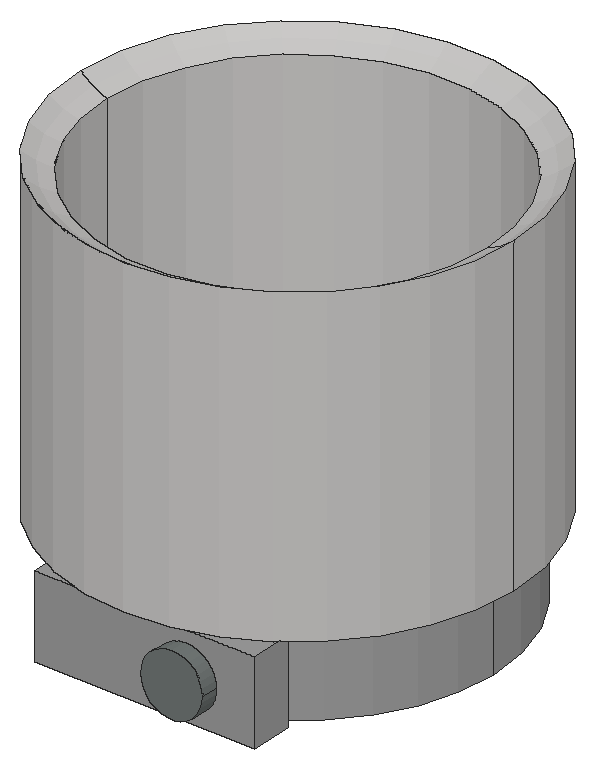
Revit family "QF_Vollrath 72018_72518", category Specialty Equipment, Revit 2016
Family settings
  Part Type = Normal
  Round Connector Dimension = Use Diameter
  OmniClass Number = 23.40.40.11.31
  OmniClass Title = Steam Tables
  Work Plane-Based = No
  Always vertical = Yes
  Cut with Voids When Loaded = No
  Shared = No
  Room Calculation Point = No
Parameters (values of type "72518")
  Width = 10.5625"
  Weight in Pounds = 10
  Watts = 800 W
  Watermarked By = "http://revitwatermark.com"
  Volts = 230 V
  URL Cutsheet = ""
  URL = "www.vollrathco.com"
  Status [instance] = ""
  Specification by User [instance] = ""
  Specification by Manufacturer = ""
  Serial Number [instance] = ""
  Seismic Rating [instance] = ""
  Revision Code [instance] = ""
  Phase = 1
  Number of Poles [instance] = 1
  NAFEM Spec ID Number [instance] = ""
  Model = "72518"
  Masterspec = ""
  Manufacturer = "Vollrath"
  Item Number [instance] = ""
  Installed By [instance] = ""
  Height AFF [instance] = 36.00"
  Height = 9.625"
  Furnished By [instance] = ""
  Foodservice Equipment Identifier [instance] = yes
  FL Amps = 3.5 A
  Electrical Remarks [instance] = ""
  Electric Connection Type [instance] = ""
  Elec Conn RI Height [instance] = 0.00"
  Elec Conn Connection Height = 2.00"
  Description = "Mechandiser, Heat 'N Serve"
  Depth = 10.5625"
  Cycle = 50 Hz
  Conn Plug = "SCHUKO"
  CSI MasterFormat = "11 42 13"
  Assembly Code = "E1090320"
  Apparent Power = if(Phase = 3, Volts * FL Amps * 1.73, Volts * FL Amps)  # 805 VA
Types (2): name | Volts | Model | FL Amps | Cycle | Conn Plug | Apparent Power
  72018 | 120 V | "72018" | 6.7 A | 60 Hz | "NEMA 5-15P" | 804 VA
  72518 | 230 V | "72518" | 3.5 A | 50 Hz | "SCHUKO" | 805 VA
Reference planes (in)
  plane 1: z = 0
  plane 2 "LEFT": x = 48
  plane 3 "BACK": y = -48
  plane 4 "BOTTOM": z = 36
  plane 5 "RIGHT": x = 58.5625
  plane 6 "FRONT": y = -58.5625
  plane 7 "TOP": z = 45.625
  plane 8: x = 53.28125
  plane 9: y = -53.28125
Forms (in)
  Revolve 1, solid, material "QF_Finishes_Stainless Steel"
    sketch origin (0, -53.28125, 0) x (1, 0, 0) y (0, 0, 1)
      loop
        line (53.28125, 38) -> (58.5625, 38) -> (58.5625, 45.625)
        arc (58.5625, 45.625) -> (58.25465, 45.40822) -> (57.91298, 45.25) r 2.0966
        line (57.91298, 45.25) -> (57.91298, 38.625) -> (53.28125, 38.625) -> (53.28125, 38)
      axis (53.28125, 38) -> (53.28125, 45.625)
    angle from 0 to 360
  Revolve 2, solid, material "QF_Finishes_Grey"
    sketch origin (0, -53.28125, 0) x (1, 0, 0) y (0, 0, 1)
      loop
        line (53.28125, 38) -> (53.28125, 36) -> (58.06353, 36) -> (58.06353, 38) -> (53.28125, 38)
      axis (53.28125, 36) -> (53.28125, 38)
    angle from 0 to 360
  Extrusion 3, solid, material "QF_Finishes_Grey"
    sketch origin (0, -53.28125, 0) x (1, 0, 0) y (0, 0, 1)
      loop
        line (50.95037, 38) -> (50.95037, 36) -> (56.3075, 36) -> (56.3075, 38) -> (50.95037, 38)
    from 4.06377 to 5.07388
  Extrusion 4, solid, material "QF_Finishes_Black"
    sketch origin (0, -53.28125, 0) x (1, 0, 0) y (0, 0, 1)
      loop
        circle (54.61566, 36.96932) r 0.75
    from 4.79329 to 5.49017
Lines and regions (in)
  symbolic lines
    curve 1: arc (58.5625, -53.28125, 0) -> (53.28125, -48, 0) -> (48, -53.28125, 0) r 5.28125
    curve 2: arc (48, -53.28125, 0) -> (53.28125, -58.5625, 0) -> (58.5625, -53.28125, 0) r 5.28125
    curve 3: arc (48.49897, -53.28125, 0) -> (53.28125, -58.06353, 0) -> (58.06353, -53.28125, 0) r 4.78228
    curve 4: arc (58.06353, -53.28125, 0) -> (53.28125, -48.49897, 0) -> (48.49897, -53.28125, 0) r 4.78228
Dimensions and locks (in)
  "Height AFF": plane 4 "BOTTOM" to level
  "Depth": plane 6 "FRONT" to plane 3 "BACK"
  "Height": plane 7 "TOP" to plane 4 "BOTTOM"
  equal spacing: plane 6 "FRONT", plane 9, plane 3 "BACK"
  equal spacing: plane 2 "LEFT", plane 8, plane 5 "RIGHT"
  "Width": plane 2 "LEFT" to plane 5 "RIGHT"
  aligned and locked: level to plane 1
Automatic sketch dimensions
  Revolve 1 sketch curve to plane 8 = 0.00"  (x2)
  Revolve 1 sketch curve to plane 5 "RIGHT" = 0.00"
  Revolve 1 sketch curve to plane 7 "TOP" = 0.00"
  Revolve 1 sketch curve to plane 5 "RIGHT" = 1.35615"
  Revolve 1 sketch curve to plane 7 "TOP" = 0.375"
  Revolve 1 sketch curve to plane 5 "RIGHT" = 0.64952"
  plane 4 "BOTTOM" to Revolve 1 sketch curve = 2.625"
  Revolve 1 sketch curve to Revolve 1 sketch curve = 0.625"
  Revolve 1 sketch curve to Revolve 1 sketch curve = 0.75"
  plane 7 "TOP" to Revolve 1 sketch curve = 1.50"
  Revolve 2 sketch curve to plane 8 = 0.00"  (x2)
  Revolve 2 sketch curve to plane 4 "BOTTOM" = 0.00"
  Revolve 2 sketch curve to plane 5 "RIGHT" = 0.49897"
  Revolve 2 sketch curve to plane 4 "BOTTOM" = 1.75"
  Revolve 2 sketch curve to Revolve 2 sketch curve = 2.00"
  Revolve 2 sketch curve to Revolve 2 sketch curve = 3.00"
  Extrusion 3 sketch curve to plane 4 "BOTTOM" = 0.00"
  Extrusion 3 sketch curve to plane 8 = 2.33088"
  Extrusion 3 sketch curve to plane 5 "RIGHT" = 2.255"
  Extrusion 3 sketch curve to Extrusion 3 sketch curve = 2.00"
  plane 8 to Extrusion 4 sketch curve = 1.33441"
  plane 4 "BOTTOM" to Extrusion 4 sketch curve = 0.96932"
  curve 2 to plane 2 "LEFT" = 0.00"
  curve 2 to plane 8 = 0.00"
  curve 1 to plane 9 = 0.00"
  curve 1 to curve 3 = 0.00"  (x2)
  plane 2 "LEFT" to curve 3 = 0.49897"
  radius of Extrusion 4 sketch curve = 0.75"
